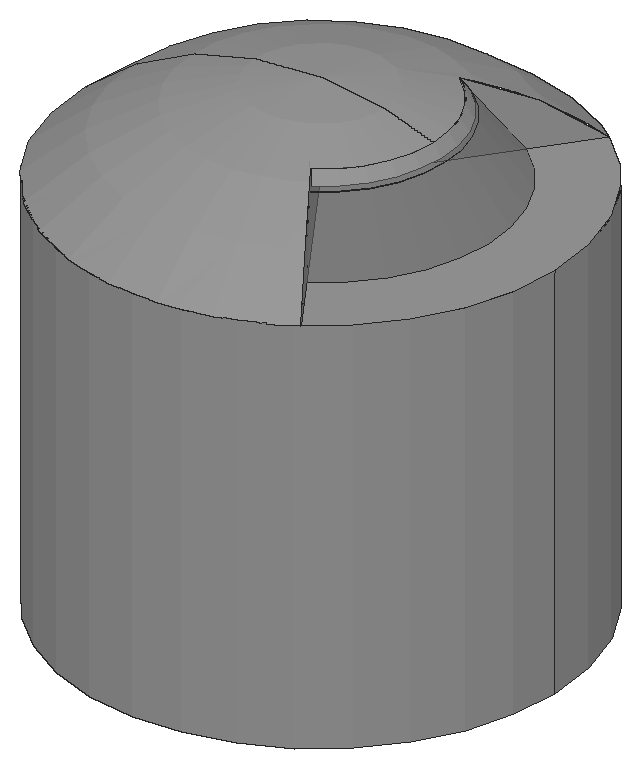
Revit family "1", category Lighting Fixtures, host Face, Revit 2016
Family settings
  Host = Face
  Part Type = Normal
  Round Connector Dimension = Use Diameter
  OmniClass Number = 23.80.70.00
  OmniClass Title = Lighting
  Cut with Voids When Loaded = No
  Light Source = No
  Shared = No
  Room Calculation Point = No
Parameters (values of type "Type 1")
  Weight = "0.235 kg"
  Wattage Comments = ""
  WarrantyStartDate [instance] = "n/a"
  WarrantyGuarantorParts = "n/a"
  WarrantyDurationUnit = "n/a"
  WarrantyDurationParts = "n/a"
  WarrantyDescription = "n/a"
  Voltage = 0 V
  URL = "http://www.sylvania-lighting.com"
  TypeName = "PATHE/WALL/ROUND1 67LM LED 4K"
  TypeLight_SYL = Pathe DM light : 4069478 PATHE/G/DM3 ELLIP 320LM LED 4K
  Type Image = <None>
  Type Comments = "n/a"
  SerialNumber [instance] = "n/a"
  RotationStart_SYL [instance] = if(BeamInclination22Deg_SYL, 22.00°, if(BeamInclination45Deg_SYL, 45.00°, 0.00°))  # 0.00°
  RotationEnd_SYL [instance] = RotationStart_SYL + 180.00°  # 180.00°
  Radius_SYL = 47.5 mm
  RadiusRef_SYL = 60 mm
  RadiusOpeningTop_SYL = 20 mm
  RadiusDome_SYL = 70.5 mm
  RadiusDiffuserBottom_SYL = 34 mm
  Offset_SYL = 0 mm
  Material_3_SYL = none
  PowerFactor = 0
  PowerConsumption = "1.5 W"
  NominalLength = 45 mm
  NominalHeight = 75 mm
  NominalDepth = 0 mm
  Name = "PATHE/WALL/ROUND1 67LM LED 4K"
  ModelReference = Name  # "PATHE/WALL/ROUND1 67LM LED 4K"
  ModelNumber = "4068691"
  Model = Name  # "PATHE/WALL/ROUND1 67LM LED 4K"
  Material = "corrosion resistant anodized aluminum housing, tempered safety glass diffuser"
  ManufacturerName = "Feilo Sylvania"
  Manufacturer = "Feilo Sylvania"
  LuminousEfficacy = "44.66 lm/W"
  LuminaireType = ""
  LightOutputRatio = "100"
  LampsType = Lamp  # "LED"
  LampNominalLuminous = "67 lm"
  LampMacAdamStep = "n/a"
  LampColourTemperature = "4000 K"
  LampColourRenderingIndex = "80"
  Lamp = "LED"
  Keynote = "16500"
  InstallationDate [instance] = "n/a"
  InputVoltage = "n/a"
  InputNominalFrequency = "n/a"
  IngressProtection = "IP68"
  ImpactProtectionIndex = "IK10"
  IfcExportType = "IfcLightFixtureType"
  IfcExportAs = "IfcLightFixtureType"
  HieghtGround_SYL = 75 mm
  HeightDome_SYL = 20 mm
  ExpectedLife = 50000
  EmittionSurface_SYL = 28.375 mm
  ElectricShockClassification = "Class III"
  DurationUnit = "hours"
  DocumentationLiterature = "http://www.sylvania-lighting.com/product/en-int/products/4068691"
  DimmingControlOptions = "n/a"
  Material_2_SYL = PC-Sylvania-PatheDM-Glow
  Description = "Round recessed wall luminaireCorrosion resistant anodized aluminum, 67lm, 1.5W, 45lm/W, 4000K, CRI80+, non dimmable, IP68, IK10, (ØxD) Ø45x75mm, 3 step MacAdam ellipse, class III, 12-24V-DC, A++ A+ A"
  Default Elevation = 1219.2 mm
  CreatedOn = "9/21/2018"
  CreatedBy = "@sylvania-lighting.com"
  Cost = 0
  built-in parameter 1114216 [instance] = (empty or 0)
  ClassificationValue = "EF_70_80"
  ClassificationName = "Uniclass2015"
  Material_1_SYL = Aluminum 6061 T6 80 Hot Formed
  BeamInclination45Deg_SYL [instance] = no
  BeamInclination22Deg_SYL [instance] = no
  BarCode [instance] = "n/a"
  AssetType = "Fixed"
  AssetIdentifier [instance] = "n/a"
  Assembly Code = "D5020200"
  Apparent Load = 1.5 VA
  Material_4_SYL = none
  AngleOpening_SYL = 55.00°
  AngleOpeningMINUS_SYL = -AngleOpening_SYL  # -55.00°
Reference planes
  plane 1 "Center (Front/Back)": y = 0
  plane 2: z = 0
  plane 3 "Center (Left/Right)": x = 0
  plane 4: x = -47.5
  plane 5: z = 20
  plane 6: z = -75
  plane 7: z = -50.5
  plane 8: x = 34
  plane 9: x = 20
  plane 10: z = 14
  plane 11: x = 28.375
  plane 12: z = 8
Forms (mm)
  Revolve 1, void
    sketch origin (0, 0, 0) x (1, 0, 0) y (0, 0, 1)
      loop
        line (0, -75) -> (0, 0) -> (-47.5, 0) -> (-47.5, -75) -> (0, -75)
      axis (0, 0) -> (0, -75)
    angle from 360 to 0
  Revolve 2, solid, material "Aluminum 6061 T6 80 Hot Formed" <- "Material_1_SYL"
    sketch origin (0, 0, 0) x (1, 0, 0) y (0, 0, 1)
      loop
        arc (0, 20) -> (-25.47, 15.238) -> (-47.5, 1.596) r 70.5
        line (-47.5, 1.596) -> (-47.5, -75) -> (0, -75) -> (0, 20)
      axis (0, 20) -> (0, -75)
    angle from 360 to 0
  Blend 3, void
    base sketch origin (1223.4, -4572, 20) x (-1, 0, 0) y (0, -1, 0)
      loop
        arc (1211.928, -4588.383) -> (1203.4, -4572) -> (1211.928, -4555.617) r 20
        line (1211.928, -4555.617) -> (1188.985, -4522.851)
        arc (1188.985, -4522.851) -> (1163.4, -4572) -> (1188.985, -4621.149) r 60
        line (1188.985, -4621.149) -> (1211.928, -4588.383)
    top sketch origin (1223.4, -4572, 20) x (-1, 0, 0) y (0, -1, 0)
      loop
        arc (1203.898, -4599.851) -> (1189.4, -4572) -> (1203.898, -4544.149) r 34
        line (1203.898, -4544.149) -> (1189.643, -4523.79)
        arc (1189.643, -4523.79) -> (1166.079, -4572) -> (1189.643, -4620.21) r 61.101
        line (1189.643, -4620.21) -> (1203.898, -4599.851)
    from 0 to -18.404
  Revolve 4, void
    sketch origin (0, 0, 0) x (1, 0, 0) y (0, 0, 1)
      loop
        line (0, 14) -> (0, 1.596) -> (34, 1.596) -> (34, 14) -> (0, 14)
      axis (0, 14) -> (0, 1.596)
    angle from -55 <- "AngleOpeningMINUS_SYL" to 55 <- "AngleOpening_SYL"
  Revolve 5, solid, material "PC-Sylvania-PatheDM-Glow" <- "Material_2_SYL"
    sketch origin (0, 0, 0) x (1, 0, 0) y (0, 0, 1)
      loop
        line (0, 14) -> (0, 1.596) -> (34, 1.596) -> (25.165, 13.211)
        arc (25.165, 13.211) -> (24.461, 13.792) -> (23.573, 14) r 2
        line (23.573, 14) -> (0, 14)
      axis (0, 14) -> (0, 1.596)
    angle from -55 <- "AngleOpeningMINUS_SYL" to 55 <- "AngleOpening_SYL"
  Revolve 6, solid, not visible
    sketch origin (28.375, 1524, 1219.2) x (0, 1, 0) y (0, 0, 1)
      loop
        line (-1520, -1211.2) -> (-1520, -1208.402) -> (-1528, -1208.402) -> (-1528, -1211.2) -> (-1520, -1211.2)
      axis (-1520, -1211.2) -> (-1528, -1211.2)
    angle from 0 <- "RotationStart_SYL" to 180 <- "RotationEnd_SYL"
Cuts and joins
  Blend 3, Revolve 4 cuts Revolve 2
Lines and regions (mm)
  reference lines
    curve 1: circle (0, 0, -50.5) r 70.5 normal (0, -1, 0)
    curve 2: line (-47.5, 0, 1.596) -> (0, 0, 1.596)
    curve 3: circle (0, 0, 20) r 20 normal (0, 0, -1)
    curve 4: line (0, 0, 20) -> (34.415, 49.149, 20)
    curve 5: line (0, 0, 20) -> (34.415, -49.149, 20)
    curve 6: line (0, 0, 20) -> (40.15, 57.341, 20)
    curve 7: line (40.15, -57.341, 20) -> (0, 0, 20)
    curve 8: circle (0, 0, 20) r 34 normal (0, 0, -1)
    curve 9: circle (0, 0, 20) r 26.7 normal (0, 0, -1)
    curve 10: line (0, 0, 20) -> (22.977, 0, 16.151)
    curve 11: line (20, 0, 20) -> (34, 0, 1.596)
    curve 12: line (28.375, -4, 1.596) -> (28.375, -4, 20)
    curve 13: line (28.375, 4, 20) -> (28.375, 4, 1.596)
Dimensions and locks
  "Radius_SYL": plane 3 "Center (Left/Right)" to plane 4
  "HeightDome_SYL": plane 5 to plane 2
  "HieghtGround_SYL": plane 2 to plane 6
  "RadiusDome_SYL": plane 5 to curve 1
  "Offset_SYL": curve 6 to curve 4
  "Offset_SYL": curve 5 to curve 7
  "RadiusOpeningTop_SYL": plane 3 "Center (Left/Right)" to plane 9
  "RadiusDiffuserBottom_SYL": plane 3 "Center (Left/Right)" to plane 8
  locked: plane 5 to plane 10 at 6
  "EmittionSurface_SYL": plane 3 "Center (Left/Right)" to plane 11
  locked: plane 10 to plane 12 at 6
  curve 12 to plane 1 "Center (Front/Back)" to curve 13 = 4 mm locked, 4 mm locked
  "RadiusDome_SYL": radius of curve 1
  "RadiusOpeningTop_SYL": radius of curve 3
  "RadiusDiffuserBottom_SYL": radius of curve 8
  radius of curve 9 = 26.7 mm
  "AngleOpening_SYL": angle plane 1 "Center (Front/Back)" to curve 4
  "AngleOpening_SYL": angle curve 5 to plane 1 "Center (Front/Back)"
  "AngleOpening_SYL": angle plane 1 "Center (Front/Back)" to curve 6
  "AngleOpening_SYL": angle curve 7 to plane 1 "Center (Front/Back)"
  aligned and locked: plane 2 to host face
  aligned and locked: level to host face
  aligned and locked: plane 3 "Center (Left/Right)" to curve 1
  aligned and locked: plane 3 "Center (Left/Right)" to curve 2
  aligned and locked: Revolve 1 sketch curve to plane 3 "Center (Left/Right)"  (x2)
  aligned and locked: Revolve 1 sketch curve to plane 6
  aligned and locked: Revolve 1 sketch curve to level
  aligned and locked: plane 4 to Revolve 1 sketch curve
  aligned and locked: Revolve 2 sketch curve to plane 3 "Center (Left/Right)"  (x2)
  aligned and locked: Revolve 2 sketch curve to curve 1
  aligned and locked: Revolve 2 sketch curve to plane 4
  aligned and locked: plane 3 "Center (Left/Right)" to curve 3
  aligned and locked: plane 1 "Center (Front/Back)" to curve 3
  aligned and locked: plane 3 "Center (Left/Right)" to curve 4
  aligned and locked: plane 1 "Center (Front/Back)" to curve 6
  aligned and locked: plane 3 "Center (Left/Right)" to curve 8
  aligned and locked: plane 1 "Center (Front/Back)" to curve 8
  aligned and locked: Blend 3 sketch curve to curve 3
  aligned and locked: curve 4 to Blend 3 sketch curve
  aligned and locked: curve 5 to Blend 3 sketch curve
  aligned and locked: curve 6 to Blend 3 sketch curve
  aligned and locked: curve 7 to Blend 3 sketch curve
  aligned and locked: Blend 3 sketch curve to curve 8
  aligned and locked: plane 5 to Blend 3
  aligned and locked: curve 2 to Blend 3
  aligned and locked: plane 3 "Center (Left/Right)" to curve 9
  aligned and locked: plane 1 "Center (Front/Back)" to curve 9
  aligned and locked: curve 11 to cut or joined group of Revolve 2, Blend 3, Revolve 4
  aligned and locked: plane 9 to curve 11
  aligned and locked: plane 5 to curve 11
  aligned and locked: plane 8 to curve 11
  aligned and locked: curve 2 to curve 11
  aligned and locked: Revolve 4 sketch curve to plane 3 "Center (Left/Right)"
  aligned and locked: Revolve 4 sketch curve to curve 2
  aligned and locked: plane 3 "Center (Left/Right)" to Revolve 4 sketch curve
  aligned and locked: Revolve 4 sketch curve to plane 8
  aligned and locked: plane 10 to Revolve 4 sketch curve
  aligned and locked: Revolve 5 sketch curve to plane 3 "Center (Left/Right)"
  aligned and locked: Revolve 5 sketch curve to cut or joined group of Revolve 2, Blend 3, Revolve 4  (x3)
  aligned and locked: curve 11 to Revolve 5 sketch curve
  aligned and locked: Revolve 6 sketch curve to plane 12  (x2)
  aligned and locked: curve 13 to Revolve 6 sketch curve
  aligned and locked: curve 12 to Revolve 6 sketch curve
  aligned and locked: plane 6 to Revolve 2 sketch curve
  aligned and locked: plane 1 "Center (Front/Back)" to nested 1
  aligned and locked: plane 12 to nested 1
Automatic sketch dimensions
  host sketch curve to host sketch curve = 2438.4 mm  (x2)
  plane 6 to Revolve 1 sketch curve = 534.6 mm
  Revolve 1 sketch curve to plane 5 = 2589.058 mm
  Blend 3 sketch curve to Blend 3 sketch curve = 0 mm  (x4)
  curve 10 to plane 3 "Center (Left/Right)" = 0 mm
  plane 9 to curve 10 = 2.977 mm
  plane 6 to Revolve 4 sketch curve = 534.6 mm
  Revolve 4 sketch curve to plane 5 = 2589.058 mm
  plane 9 to Revolve 5 sketch curve = 3.573 mm
  plane 10 to Revolve 5 sketch curve = 0.789 mm
  plane 6 to Revolve 5 sketch curve = 534.6 mm
  Revolve 5 sketch curve to plane 5 = 2589.058 mm
  curve 2 to plane 4 = 0 mm
  plane 5 to curve 13 = 0 mm
  plane 5 to curve 12 = 0 mm
  level to curve 12 = 1.596 mm
  level to curve 13 = 1.596 mm
  Revolve 6 sketch curve to Revolve 6 sketch curve = 2.798 mm
  Revolve 6 sketch curve to Revolve 6 sketch curve = 2550.941 mm
  Revolve 6 sketch curve to Revolve 6 sketch curve = 2093.409 mm
  plane 6 to Revolve 2 sketch curve = 534.6 mm
  Revolve 2 sketch curve to Revolve 2 sketch curve = 2589.058 mm
Nested families
  nested 1: "Pathe DM light" at (28.375, 0, 8) x (0, 0, 1) z (1, 0, 0), type <- "TypeLight_SYL", type "4069478 PATHE/G/DM3 ELLIP 320LM LED 4K"
    with built-in parameter 1114216 (empty or 0)
Connectors
  electrical at (0, 0, 0), driven by "Apparent Load", driven by "PowerFactor", driven by "Voltage"
    settings: index 1, voltage 0 V, apparent load 1.5 VA, apparent load phase1 0 VA, apparent load phase2 0 VA, apparent load phase3 0 VA, power factor 0, load classification "Lighting", number of poles 1, system type 30, power factor state 1, is connector primary yes, connector utility no, sub classification motor no, connector description ""
Definition of nested family "Pathe DM light"
  Parameters (values of type "4069478 PATHE/G/DM3 ELLIP 320LM LED 4K")
    Wattage Comments = "n/a"
    Wattage = 11 W
    built-in parameter 1150110 = 1 (stored number, unit not read)
    URL = "http://www.sylvania-lighting.com"
    Type Image = (empty or 0)
    Type Comments = "n/a"
    built-in parameter 1114217 = 1 (stored number, unit not read)
    Tilt Angle = -90.00°
    built-in parameter 1150109 = 1 (stored number, unit not read)
    built-in parameter 1150134 = 12
    built-in parameter 1150113 = 1 (stored number, unit not read)
    RadiusTop_SYL = 463.25 mm
    RadiusSide_SYL = 88.395 mm
    RadiusLensCircle_SYL = 25.5 mm
    Photometric Web File = "Pathe Ground DM.ies"
    built-in parameter 1150142 = "IESNA:LM-63-2002\r\n[TEST] \"\"\r\n[TESTLAB] FEILO SYLVANIA Lighting EULUMDAT\r\n[TESTDATE] 26 Oct 2017\r\n[ISSUEDATE] 26 Oct 2017\r\n[MANUFAC] FEILO SYLVANIA Lighting EULUMDAT\r\n[LUMCAT] 0027954\r\n[LUMINAIRE] RefLED Superia v3 MR16 Dimmable 450lm 840 25°\r\n[FLASHAREA] 0.000195\r\n[LAMPCAT] RefLED Superia v3 MR16 Dimmable 450lm 840 25°\r\n[LAMP] RefLED Superia v3 MR16 Dimmable 450lm 840 25°\r\nTILT=NONE\r\n1 500.00 1.0 67 1 1 2 -0.032 -0.032 0.000\r\n1.00 1.00 5.00\r\n0.00 0.50 1.00 1.50 2.00 2.50 3.00 3.50 4.00 4.50 5.00 \r\n6.00 7.00 8.00 9.00 10.00 11.00 12.00 13.00 14.00 15.00 \r\n16.00 17.00 18.00 19.00 20.00 21.00 22.00 23.00 24.00 \r\n25.00 26.00 27.00 28.00 29.00 30.00 32.00 34.00 36.00 \r\n38.00 40.00 42.00 44.00 45.00 46.00 48.00 50.00 52.00 \r\n54.00 56.00 58.00 60.00 62.00 64.00 66.00 68.00 70.00 \r\n72.00 74.00 76.00 78.00 80.00 82.00 84.00 86.00 88.00 \r\n90.00 \r\n0.00 \r\n952.00 950.00 948.50 945.00 940.00 932.00 923.00 911.00 \r\n898.00 881.00 860.50 800.50 740.00 692.50 642.50 587.00 \r\n533.00 481.50 432.00 382.50 334.00 288.50 250.00 212.00 \r\n181.50 156.00 134.00 117.50 103.50 92.00 82.50 74.00 \r\n67.50 60.50 55.00 49.75 41.20 34.30 28.55 24.25 20.95 \r\n18.20 16.00 15.15 14.35 12.70 11.45 10.45 9.50 8.40 7.60 \r\n6.75 5.95 3.45 1.50 0.70 0.55 0.55 0.55 0.70 0.70 0.70 \r\n0.70 0.70 0.70 0.70 0.70 \r\n"
    Model = "PATHE/GROUND/DECO MONO3 ELLIPTICAL 320LM LED 4K"
    Manufacturer = "Feilo Sylvania"
    built-in parameter 1150105 = 609.28 (stored number, unit not read)
    Lumens = 320 lm
    built-in parameter 1150115 = 1 (stored number, unit not read)
    built-in parameter 1150137 = (empty or 0)
    built-in parameter 1150139 = (empty or 0)
    built-in parameter 1150112 = 1 (stored number, unit not read)
    built-in parameter 1150114 = 1 (stored number, unit not read)
    Lamp = "LED"
    Keynote = "16500"
    built-in parameter 1150132 = (empty or 0)
    built-in parameter 1150102 = (empty or 0)
    built-in parameter 1150107 = 4000 (stored number, unit not read)
    built-in parameter 1150138 = (empty or 0)
    built-in parameter 1150106 = 6.0928 (stored number, unit not read)
    built-in parameter 1150104 = 2.7026 (stored number, unit not read)
    Dimming Lamp Color Temperature Shift = (empty or 0)
    Description = "Single emission recessed ground luminaire, Corrosion resistant die-cast aluminium, 320lm, 11W, 29lm/W, 4000K, CRI80+, 13°,40°, non dimmable, IP67, IK10, (ØxD) Ø215x245mm, 3, Class I, 220-240V, A++ A+ A"
    Default Elevation = 1219.2 mm
    Cost = 0
    Color Filter = 16777215
    built-in parameter 1114216 [instance] = (empty or 0)
    built-in parameter 1114218 = 1 (stored number, unit not read)
    built-in parameter 1150133 = 10 (stored number, unit not read)
    Assembly Code = "D5020200"
    Apparent Load = 11 VA
  Types (12, lengths in mm): name | Wattage | built-in parameter 1150134 | Model | built-in parameter 1150105 | Lumens | built-in parameter 1150107 | built-in parameter 1150106 | built-in parameter 1150104 | Description | Apparent Load
    4069478 PATHE/G/DM3 ELLIP 320LM LED 4K | 11 W | 12 | "PATHE/GROUND/DECO MONO3 ELLIPTICAL 320LM LED 4K" | 609.28 (stored number, unit not read) | 320 lm | 4000 (stored number, unit not read) | 6.0928 (stored number, unit not read) | 2.7026 (stored number, unit not read) | "Single emission recessed ground luminaire, Corrosion resistant die-cast aluminium, 320lm, 11W, 29lm/W, 4000K, CRI80+, 13°,40°, non dimmable, IP67, IK10, (ØxD) Ø215x245mm, 3, Class I, 220-240V, A++ A+ A" | 11 VA
    4069477 PATHE/G/DM1 ELLIP 51LM LED 4K | 1.5 W | 12 | "PATHE/GROUND/DECO MONO1 ELLIPTICAL 51LM LED 4K" | 97.104 (stored number, unit not read) | 51 lm | 4000 (stored number, unit not read) | 0.97104 (stored number, unit not read) | 3.1587 (stored number, unit not read) | "Single emission recessed ground luminaire, Corrosion resistant die-cast aluminium, 51lm, 1.5W, 34lm/W, 4000K, CRI80+, 13°,40°, non dimmable, IP67, IK10, (ØxD) Ø95x95mm, 3 step MacAdam ellipse, 1.2kg, Class I, 220-240V, A++ A+ A" | 1.5 VA
    4069413 PATHE/G/DM3 NAR 323LM LED 3K | 11 W | (empty or 0) | "PATHE/GROUND/DECO MONO3 NARROW 323LM LED 3K" | 614.99 (stored number, unit not read) | 323 lm | 3000 (stored number, unit not read) | 6.1499 (stored number, unit not read) | 2.728 (stored number, unit not read) | "Single emission recessed ground luminaire, Corrosion resistant die-cast aluminium, 323lm, 11W, 29lm/W, 3000K, CRI80+, 10°, non dimmable, IP67, IK10,  (ØxD) Ø215x245mm, 3 step MacAdam ellipse, Class I, 220-240V, A++ A+ A" | 11 VA
    4069412 PATHE/G/DM3 ELLIP 302LM LED 3K | 11 W | (empty or 0) | "PATHE/GROUND/DECO MONO3 ELLIPTICAL 302LM LED 3K" | 575.01 (stored number, unit not read) | 302 lm | 3000 (stored number, unit not read) | 5.7501 (stored number, unit not read) | 2.5506 (stored number, unit not read) | "Single emission recessed ground luminaire, Corrosion resistant die-cast aluminium, 302lm, 11W, 27lm/W, 3000K, CRI80+, 13°,40°, non dimmable, IP67, IK10, (ØxD) Ø215x245mm, 3 step MacAdam ellipse, Class I, 220-240V, A++ A+ A" | 11 VA
    4069411 PATHE/G/DM3 NAR 342LM LED 4K | 11 W | 12 | "PATHE/GROUND/DECO MONO3 NARROW 342LM LED 4K" | 651.17 (stored number, unit not read) | 342 lm | 4000 (stored number, unit not read) | 6.5117 (stored number, unit not read) | 2.8884 (stored number, unit not read) | "Single emission recessed ground luminaire, Corrosion resistant die-cast aluminium, 342lm, 11W, 31lm/W, 4000K, CRI80+, 10°, non dimmable, IP67, IK10, (ØxD) Ø215x245mm, 3 step MacAdam ellipse, Class I, 220-240V, A++ A+ A" | 11 VA
    4069407 PATHE/G/DM2 NAR 98LM LED 3K | 4 W | (empty or 0) | "PATHE/GROUND/DECO MONO2 NARROW 98LM LED 3K" | 186.59 (stored number, unit not read) | 98 lm | 3000 (stored number, unit not read) | 1.8659 (stored number, unit not read) | 2.2761 (stored number, unit not read) | "Single emission recessed ground luminaire, Corrosion resistant die-cast aluminium, 98lm, 4W, 24lm/W, 3000K, CRI80+, 10°, non dimmable, IP67, IK10, (ØxD) Ø145x125mm, 3 step MacAdam ellipse, 1.2kg, Class I, 220-240V, A++ A+ A" | 4 VA
    4069406 PATHE/G/DM2 ELLIP 102LM LED 3K | 4 W | (empty or 0) | "PATHE/GROUND/DECO MONO2 ELLIPTICAL 102LM LED 3K" | 194.21 (stored number, unit not read) | 102 lm | 3000 (stored number, unit not read) | 1.9421 (stored number, unit not read) | 2.369 (stored number, unit not read) | "Single emission recessed ground luminaire, Corrosion resistant die-cast aluminium, 102lm, 4W, 25lm/W, 3000K, CRI80+, 13°,40°, non dimmable, IP67, IK10, (ØxD) Ø145x125mm, 3 step MacAdam ellipse, 1.2kg, Class I, 220-240V, A++ A+ A" | 4 VA
    4069405 PATHE/G/DM2 NAR 104LM LED 4K | 4 W | 12 | "PATHE/GROUND/DECO MONO2 NARROW 104LM LED 4K" | 198.02 (stored number, unit not read) | 104 lm | 4000 (stored number, unit not read) | 1.9802 (stored number, unit not read) | 2.4155 (stored number, unit not read) | "Single emission recessed ground luminaire, Corrosion resistant die-cast aluminium, 104lm, 4W, 26lm/W, 4000K, CRI80+, 10°, non dimmable, IP67, IK10, (ØxD) Ø145x125mm, 3 step MacAdam ellipse, 1.2kg, Class I, 220-240V, A++ A+ A" | 4 VA
    4069404 PATHE/G/DM2 ELLIP 108LM LED 4K | 4 W | 12 | "PATHE/GROUND/DECO MONO2 ELLIPTICAL 108LM LED 4K" | 205.63 (stored number, unit not read) | 108 lm | 4000 (stored number, unit not read) | 2.0563 (stored number, unit not read) | 2.5084 (stored number, unit not read) | "Single emission recessed ground luminaire, Corrosion resistant die-cast aluminium, 108lm, 4W, 27lm/W, 4000K, CRI80+, 13°,40°, non dimmable, IP67, IK10, (ØxD) Ø145x125mm, 3 step MacAdam ellipse, 1.2kg, Class I, 220-240V, A++ A+ A" | 4 VA
    4069403 PATHE/G/DM1 NAR 54LM LED 3K | 1.5 W | (empty or 0) | "PATHE/GROUND/DECO MONO1 NARROW 54LM LED 3K" | 102.82 (stored number, unit not read) | 54 lm | 3000 (stored number, unit not read) | 1.0282 (stored number, unit not read) | 3.3445 (stored number, unit not read) | "Single emission recessed ground luminaire, Corrosion resistant die-cast aluminium, 54lm, 1.5W, 36lm/W, 3000K, CRI80+, 10°, non dimmable, IP67, IK10, (ØxD) Ø95x95mm, 3 step MacAdam ellipse, Class I, 220-240V, A++ A+ A" | 1.5 VA
    4069402 PATHE/G/DM1 ELLIP 49LM LED 3K | 1.5 W | (empty or 0) | "PATHE/GROUND/DECO MONO1 ELLIPTICAL 49LM LED 3K" | 93.296 (stored number, unit not read) | 49 lm | 3000 (stored number, unit not read) | 0.93296 (stored number, unit not read) | 3.0348 (stored number, unit not read) | "Single emission recessed ground luminaire, Corrosion resistant die-cast aluminium, 49lm, 1.5W, 33lm/W, 3000K, CRI80+, 13°,40°, non dimmable, IP67, IK10, (ØxD) Ø95x95mm, 3 step MacAdam ellipse, 1.2kg, Class I, 220-240V, A++ A+ A" | 1.5 VA
    4069401 PATHE/G/DM1 NAR 57LM LED 4K | 1.5 W | 12 | "PATHE/GROUND/DECO MONO1 NARROW 57LM LED 4K" | 108.53 (stored number, unit not read) | 57 lm | 4000 (stored number, unit not read) | 1.0853 (stored number, unit not read) | 3.5303 (stored number, unit not read) | "Single emission recessed ground luminaire, Corrosion resistant die-cast aluminium, 57lm, 1.5W, 38lm/W, 4000K, CRI80+, 10°, non dimmable, IP67, IK10, (ØxD) Ø95x95mm, 3 step MacAdam ellipse, Class I, 220-240V, A++ A+ A" | 1.5 VA
  Reference planes
    plane 1 "Center (Front/Back)": y = 0
    plane 2: z = 0
    plane 3 "Center (Left/Right)": x = 0
  Forms (mm)
    Extrusion 1, solid
      sketch origin (4.2, 0, 0) x (1, 0, 0) y (0, 1, 0)
        loop
          line (-1219.2, 1219.2) -> (-1219.2, -1219.2) -> (1219.2, -1219.2) -> (1219.2, 1219.2) -> (-1219.2, 1219.2)
      from 0 to -68.017
  Dimensions and locks
    aligned and locked: plane 2 to Extrusion 1
    aligned and locked: level to Extrusion 1
    aligned and locked: plane 3 "Center (Left/Right)" to imposter light
    aligned and locked: imposter light to plane 1 "Center (Front/Back)"
    aligned and locked: plane 2 to imposter light
